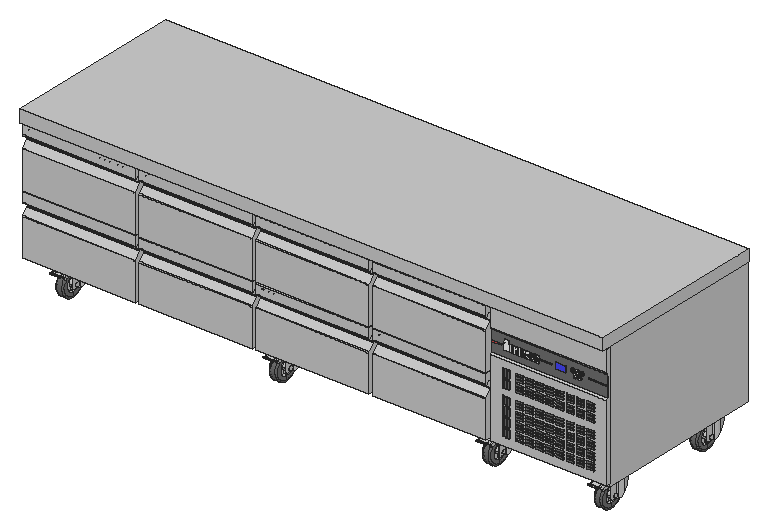
Revit family "QF_INOMAK_PWDP7777_250528083448", category Specialty Equipment, Revit 2021 (continued)
Definition of nested family "QF_INOMAK_REF_COUNTERS_DOORS_DRAWERS_34956"
  Definition of nested family "3_Drawers_1-3"
    Dimensions and locks
      equal spacing: plane 21, plane 17, plane 12, plane 16
      "Top inset": plane 13 to plane 6 "Top"
      locked: plane 21 to plane 20 at 2
      aligned and locked: level to plane 2
      aligned and locked: Extrusion 1 to plane 11 "Right panel"
      aligned and locked: plane 10 "Left panel" to curve 1
      aligned and locked: plane 10 "Left panel" to curve 7
      aligned and locked: plane 10 "Left panel" to curve 13
      aligned and locked: Extrusion 2 sketch curve to plane 10 "Left panel"
      aligned and locked: plane 11 "Right panel" to Extrusion 2 sketch curve
      aligned and locked: Extrusion 3 sketch curve to plane 10 "Left panel"
      aligned and locked: plane 11 "Right panel" to Extrusion 3 sketch curve
      aligned and locked: Extrusion 4 sketch curve to plane 10 "Left panel"
      aligned and locked: plane 11 "Right panel" to Extrusion 4 sketch curve
      aligned and locked: Extrusion 2 to plane 13
      aligned and locked: Extrusion 3 to plane 15
      aligned and locked: Extrusion 4 to plane 19
      aligned and locked: Extrusion 5 to plane 11 "Right panel"
      aligned and locked: Extrusion 6 to plane 11 "Right panel"
      aligned and locked: Extrusion 1 sketch curve to plane 13
      aligned and locked: Extrusion 1 sketch curve to plane 7 "Front legs"
      aligned and locked: plane 18 to Extrusion 5 sketch curve
      aligned and locked: Extrusion 6 sketch curve to Extrusion 4  (x2)
      aligned and locked: Extrusion 5 sketch curve to plane 15
      aligned and locked: Extrusion 4 to Extrusion 5 sketch curve
      aligned and locked: Extrusion 6 sketch curve to plane 19
      aligned and locked: Extrusion 6 sketch curve to plane 20
    Automatic sketch dimensions
      Extrusion 2 sketch curve to plane 7 "Front legs" = 0 mm
      Extrusion 2 sketch curve to plane 5 "Front" = 565.045 mm
      Extrusion 3 sketch curve to plane 7 "Front legs" = 0 mm
      Extrusion 3 sketch curve to plane 5 "Front" = 565.045 mm
      Extrusion 4 sketch curve to plane 7 "Front legs" = 0 mm
      Extrusion 4 sketch curve to plane 5 "Front" = 565.045 mm
      curve 14 to plane 11 "Right panel" = 0 mm
      curve 8 to plane 11 "Right panel" = 0 mm
      curve 3 to plane 11 "Right panel" = 0 mm
      curve 6 to plane 5 "Front" = 0 mm
      curve 5 to plane 5 "Front" = 0 mm
      curve 1 to plane 5 "Front" = 150 mm
      curve 2 to curve 3 = 40 mm
      curve 10 to curve 1 = 150 mm
      curve 9 to curve 9 = 40 mm
      curve 13 to curve 7 = 145 mm
      curve 14 to curve 13 = 40 mm
      curve 3 to curve 5 = 30 mm
      curve 15 to curve 17 = 30 mm
      curve 11 to curve 17 = 0 mm
      curve 6 to plane 10 "Left panel" = 30 mm
      curve 18 to plane 10 "Left panel" = 30 mm
      curve 12 to curve 18 = 0 mm
      Extrusion 1 sketch curve to plane 14 = 0 mm
      Extrusion 1 sketch curve to plane 7 "Front legs" = 0 mm
      plane 7 "Front legs" to Extrusion 1 sketch curve = 0.515 mm
      plane 7 "Front legs" to Extrusion 1 sketch curve = 1.757 mm
      plane 7 "Front legs" to Extrusion 1 sketch curve = 1.9 mm
      Extrusion 1 sketch curve to Extrusion 1 sketch curve = 1.556 mm
      plane 7 "Front legs" to Extrusion 1 sketch curve = 9.971 mm
      plane 7 "Front legs" to Extrusion 1 sketch curve = 21.094 mm
      Extrusion 1 sketch curve to Extrusion 1 sketch curve = 11.91 mm
      Extrusion 1 sketch curve to Extrusion 1 sketch curve = 2.243 mm
      Extrusion 1 sketch curve to Extrusion 1 sketch curve = 2.385 mm
      Extrusion 1 sketch curve to Extrusion 1 sketch curve = 20.119 mm
      plane 13 to Extrusion 1 sketch curve = 85.635 mm
      Extrusion 1 sketch curve to Extrusion 1 sketch curve = 22.822 mm
      Extrusion 1 sketch curve to Extrusion 1 sketch curve = 19.985 mm
      Extrusion 1 sketch curve to Extrusion 1 sketch curve = 6.919 mm
      plane 15 to Extrusion 5 sketch curve = 59.328 mm
      Extrusion 5 sketch curve to Extrusion 5 sketch curve = 17.734 mm
      plane 15 to Extrusion 5 sketch curve = 61.571 mm
      Extrusion 5 sketch curve to Extrusion 5 sketch curve = 0.929 mm
      Extrusion 5 sketch curve to Extrusion 5 sketch curve = 2.385 mm
      Extrusion 5 sketch curve to Extrusion 5 sketch curve = 11.91 mm
      Extrusion 5 sketch curve to Extrusion 5 sketch curve = 6.515 mm
      Extrusion 5 sketch curve to Extrusion 5 sketch curve = 1.556 mm
      Extrusion 5 sketch curve to Extrusion 5 sketch curve = 21.58 mm
      plane 15 to Extrusion 5 sketch curve = 84.393 mm
      Extrusion 5 sketch curve to Extrusion 5 sketch curve = 1.242 mm
      Extrusion 5 sketch curve to Extrusion 5 sketch curve = 1.9 mm
      Extrusion 5 sketch curve to Extrusion 5 sketch curve = 0.515 mm
      Extrusion 5 sketch curve to Extrusion 5 sketch curve = 6.919 mm
      Extrusion 5 sketch curve to Extrusion 5 sketch curve = 30.039 mm
      plane 7 "Front legs" to Extrusion 6 sketch curve = 0.515 mm
      plane 7 "Front legs" to Extrusion 6 sketch curve = 1.757 mm
      plane 7 "Front legs" to Extrusion 6 sketch curve = 1.9 mm
      Extrusion 6 sketch curve to Extrusion 6 sketch curve = 1.556 mm
      plane 7 "Front legs" to Extrusion 6 sketch curve = 9.971 mm
      plane 7 "Front legs" to Extrusion 6 sketch curve = 21.094 mm
      Extrusion 6 sketch curve to Extrusion 6 sketch curve = 11.91 mm
      Extrusion 6 sketch curve to Extrusion 6 sketch curve = 2.243 mm
      Extrusion 6 sketch curve to Extrusion 6 sketch curve = 2.385 mm
      Extrusion 6 sketch curve to Extrusion 6 sketch curve = 20.119 mm
      plane 19 to Extrusion 6 sketch curve = 89.302 mm
      Extrusion 6 sketch curve to Extrusion 6 sketch curve = 22.822 mm
      Extrusion 6 sketch curve to Extrusion 6 sketch curve = 23.985 mm
      Extrusion 6 sketch curve to Extrusion 6 sketch curve = 6.919 mm
  Definition of nested family "2_Drawers_1-2"
    Parameters (values of type "2 Drawers 1-2")
      URL = "www.specifiglobal.com"
      Top inset [instance] = 4 mm
      Right panel thickness [instance] = 35 mm
      Rear inset [instance] = 10 mm
      Plinth height [instance] = 150 mm
      Model = ""
      Manufacturer = "DEMO CONSULTANT"
      Length Actual [instance] = 1200 mm
      Left panel thickness [instance] = 35 mm
      Height Actual [instance] = 900 mm
      Front inset [instance] = 10 mm
      Finish = none
      Doors drawers type [instance] = 4
      Description = ""
      Depth Actual [instance] = 700 mm
      Default Elevation = 0 mm
      Bottom inset [instance] = 4 mm
      Assembly Code = "E1090320"
      2 Drawers [instance] = Doors drawers type = 4  # yes
    Reference planes
      plane 1 "Back": y = 0
      plane 2: z = 0
      plane 3 "Left": x = 0
      plane 4 "Right": x = 1200
      plane 5 "Front": y = -700
      plane 6 "Top": z = 1050
      plane 7 "Front legs": y = -690
      plane 8 "Legs top": z = 150
      plane 9 "Backsplash thickness": y = -10
      plane 10 "Left panel": x = 35
      plane 11 "Right panel": x = 1165
      plane 12: z = 600
      plane 13: z = 1046
      plane 14: z = 602
      plane 15: z = 598
      plane 16: z = 154
    Forms (mm)
      Extrusion 1, solid, material <- "Finish", visible <- "2 Drawers"
        sketch origin (35, 0, 0) x (0, -1, 0) y (0, 0, 1)
          loop
            line (690, 602) -> (690, 960.365)
            arc (690, 960.365) -> (689.866, 961.037) -> (689.485, 961.607) r 1.757
            line (689.485, 961.607) -> (666.663, 984.429)
            arc (666.663, 984.429) -> (665.976, 985.458) -> (665.734, 986.672) r 3.172
            line (665.734, 986.672) -> (665.734, 1013.576)
            arc (665.734, 1013.576) -> (666.433, 1015.262) -> (668.119, 1015.961) r 2.385
            line (668.119, 1015.961) -> (680.029, 1015.961) -> (686.544, 1006.657)
            arc (686.544, 1006.657) -> (688.671, 1005.935) -> (690, 1007.747) r 1.9
            line (690, 1007.747) -> (690, 1046) -> (648, 1046) -> (648, 602) -> (690, 602)
        from 0 to -1130
      Extrusion 2, solid, visible <- "2 Drawers", detail levels coarse
        sketch origin (0, -640.463, 602) x (0, 1, 0) y (-1, 0, 0)
          loop
            line (-49.537, -35) -> (-624.537, -35) -> (-624.537, -1165) -> (-49.537, -1165) -> (-49.537, -35)
        from 0 to 444
      Extrusion 3, solid, visible <- "2 Drawers", detail levels coarse
        sketch origin (0, -700, 154) x (-1, 0, 0) y (0, 1, 0)
          loop
            line (-35, 10) -> (-1165, 10) -> (-1165, -565) -> (-35, -565) -> (-35, 10)
        from 0 to -444
      Extrusion 4, solid, material <- "Finish", visible <- "2 Drawers"
        sketch origin (35, 0, -441.333) x (0, -1, 0) y (0, 0, 1)
          loop
            line (690, 595.333) -> (690, 953.698)
            arc (690, 953.698) -> (689.866, 954.37) -> (689.485, 954.94) r 1.757
            line (689.485, 954.94) -> (666.663, 977.763)
            arc (666.663, 977.763) -> (665.976, 978.792) -> (665.734, 980.006) r 3.172
            line (665.734, 980.006) -> (665.734, 1006.909)
            arc (665.734, 1006.909) -> (666.433, 1008.596) -> (668.119, 1009.294) r 2.385
            line (668.119, 1009.294) -> (680.029, 1009.294) -> (686.544, 999.991)
            arc (686.544, 999.991) -> (688.671, 999.268) -> (690, 1001.08) r 1.9
            line (690, 1001.08) -> (690, 1039.333) -> (648, 1039.333) -> (648, 595.333) -> (690, 595.333)
        from 0 to -1130
    Lines and regions (mm)
      symbolic lines, visible <- "2 Drawers"
        curve 1: line (35, -940, 900) -> (35, -980, 900)
        curve 2: line (35, -980, 900) -> (1165, -980, 900)
        curve 3: line (1165, -980, 900) -> (1165, -940, 900)
        curve 4: line (1165, -940, 900) -> (35, -940, 900)
        curve 5: line (1135, -940, 900) -> (1135, -700, 900)
        curve 6: line (65, -940, 900) -> (65, -700, 900)
        curve 7: line (35, -1225, 900) -> (35, -1265, 900)
        curve 8: line (35, -1265, 900) -> (1165, -1265, 900)
        curve 9: line (1165, -1265, 900) -> (1165, -1225, 900)
        curve 10: line (1165, -1225, 900) -> (35, -1225, 900)
        curve 11: line (1135, -1225, 900) -> (1135, -980, 900)
        curve 12: line (65, -1225, 900) -> (65, -980, 900)
    Dimensions and locks
      "Length Actual": plane 3 "Left" to plane 4 "Right"
      "Depth Actual": plane 5 "Front" to plane 1 "Back"
      "Height Actual": plane 6 "Top" to plane 8 "Legs top"
      "Front inset": plane 7 "Front legs" to plane 5 "Front"
      "Plinth height": plane 8 "Legs top" to plane 2
      "Rear inset": plane 9 "Backsplash thickness" to plane 1 "Back"
      "Right panel thickness": plane 11 "Right panel" to plane 4 "Right"
      "Left panel thickness": plane 3 "Left" to plane 10 "Left panel"
      "Top inset": plane 6 "Top" to plane 13
      "Bottom inset": plane 16 to plane 8 "Legs top"
      equal spacing: plane 16, plane 12, plane 13
      locked: plane 14 to plane 12 at 2
      locked: plane 15 to plane 12 at 2
      aligned and locked: level to plane 2
      aligned and locked: Extrusion 1 to plane 11 "Right panel"
      aligned and locked: plane 10 "Left panel" to curve 1
      aligned and locked: plane 10 "Left panel" to curve 7
      aligned and locked: Extrusion 2 sketch curve to plane 10 "Left panel"
      aligned and locked: plane 11 "Right panel" to Extrusion 2 sketch curve
      aligned and locked: Extrusion 3 sketch curve to plane 10 "Left panel"
      aligned and locked: plane 11 "Right panel" to Extrusion 3 sketch curve
      aligned and locked: Extrusion 2 to plane 13
      aligned and locked: Extrusion 4 to plane 11 "Right panel"
      aligned and locked: Extrusion 3 to plane 15
      aligned and locked: Extrusion 1 sketch curve to plane 13
      aligned and locked: Extrusion 1 sketch curve to plane 7 "Front legs"
      aligned and locked: plane 14 to Extrusion 1 sketch curve
      aligned and locked: Extrusion 4 sketch curve to plane 15
      aligned and locked: Extrusion 4 sketch curve to plane 7 "Front legs"
      aligned and locked: Extrusion 4 sketch curve to plane 16
    Automatic sketch dimensions
      Extrusion 2 sketch curve to plane 7 "Front legs" = 0 mm
      Extrusion 2 sketch curve to plane 5 "Front" = 565 mm
      Extrusion 3 sketch curve to plane 7 "Front legs" = 0 mm
      Extrusion 3 sketch curve to plane 5 "Front" = 565 mm
      curve 9 to plane 11 "Right panel" = 0 mm
      curve 2 to plane 11 "Right panel" = 0 mm
      curve 5 to plane 5 "Front" = 0 mm
      curve 6 to plane 5 "Front" = 0 mm
      curve 1 to plane 5 "Front" = 240 mm
      curve 3 to curve 3 = 40 mm
      curve 7 to curve 1 = 245 mm
      curve 8 to curve 9 = 40 mm
      plane 11 "Right panel" to curve 5 = 30 mm
      curve 2 to curve 11 = 30 mm
      curve 6 to plane 10 "Left panel" = 30 mm
      curve 12 to plane 10 "Left panel" = 30 mm
      Extrusion 1 sketch curve to Extrusion 1 sketch curve = 17.734 mm
      Extrusion 1 sketch curve to Extrusion 1 sketch curve = 0.929 mm
      Extrusion 1 sketch curve to Extrusion 1 sketch curve = 2.385 mm
      Extrusion 1 sketch curve to Extrusion 1 sketch curve = 3.172 mm
      Extrusion 1 sketch curve to Extrusion 1 sketch curve = 11.91 mm
      Extrusion 1 sketch curve to Extrusion 1 sketch curve = 6.515 mm
      Extrusion 1 sketch curve to Extrusion 1 sketch curve = 1.556 mm
      Extrusion 1 sketch curve to Extrusion 1 sketch curve = 21.58 mm
      Extrusion 1 sketch curve to Extrusion 1 sketch curve = 1.242 mm
      Extrusion 1 sketch curve to Extrusion 1 sketch curve = 1.9 mm
      Extrusion 1 sketch curve to Extrusion 1 sketch curve = 0.515 mm
      Extrusion 1 sketch curve to Extrusion 1 sketch curve = 22.822 mm
      Extrusion 1 sketch curve to Extrusion 1 sketch curve = 19.985 mm
      Extrusion 1 sketch curve to Extrusion 1 sketch curve = 6.919 mm
      Extrusion 1 sketch curve to Extrusion 1 sketch curve = 30.039 mm
      Extrusion 4 sketch curve to plane 7 "Front legs" = 0 mm
      plane 7 "Front legs" to Extrusion 4 sketch curve = 0.515 mm
      plane 7 "Front legs" to Extrusion 4 sketch curve = 1.757 mm
      plane 7 "Front legs" to Extrusion 4 sketch curve = 1.9 mm
      Extrusion 4 sketch curve to Extrusion 4 sketch curve = 1.556 mm
      plane 7 "Front legs" to Extrusion 4 sketch curve = 9.971 mm
      plane 7 "Front legs" to Extrusion 4 sketch curve = 21.094 mm
      Extrusion 4 sketch curve to Extrusion 4 sketch curve = 11.91 mm
      Extrusion 4 sketch curve to Extrusion 4 sketch curve = 2.243 mm
      Extrusion 4 sketch curve to Extrusion 4 sketch curve = 2.385 mm
      Extrusion 4 sketch curve to Extrusion 4 sketch curve = 20.119 mm
      Extrusion 4 sketch curve to Extrusion 4 sketch curve = 22.822 mm
      Extrusion 4 sketch curve to Extrusion 4 sketch curve = 19.985 mm
      Extrusion 4 sketch curve to Extrusion 4 sketch curve = 6.919 mm
      Extrusion 4 sketch curve to Extrusion 4 sketch curve = 30.039 mm
  Definition of nested family "2_Drawers_1-3_2-3"
    Parameters (values of type "2 Drawers 1-3 and 2-3")
      URL = "www.specifiglobal.com"
      Top inset [instance] = 4 mm
      Right panel thickness [instance] = 35 mm
      Rear inset [instance] = 10 mm
      Plinth height [instance] = 150 mm
      Model = ""
      Manufacturer = "DEMO CONSULTANT"
      Length Actual [instance] = 1200 mm
      Left panel thickness [instance] = 35 mm
      Height Actual [instance] = 900 mm
      Front inset [instance] = 10 mm
      Finish = none
      Doors drawers type [instance] = 5
      Description = ""
      Depth Actual [instance] = 700 mm
      Default Elevation = 0 mm
      Bottom inset [instance] = 4 mm
      Assembly Code = "E1090320"
      2 Drawers 1-3 and 2-3 [instance] = Doors drawers type = 5  # yes
    Reference planes
      plane 1 "Back": y = 0
      plane 2: z = 0
      plane 3 "Left": x = 0
      plane 4 "Right": x = 1200
      plane 5 "Front": y = -700
      plane 6 "Top": z = 1050
      plane 7 "Front legs": y = -690
      plane 8 "Legs top": z = 150
      plane 9 "Backsplash thickness": y = -10
      plane 10 "Left panel": x = 35
      plane 11 "Right panel": x = 1165
      plane 12: z = 1046
      plane 13: z = 751.833
      plane 14: z = 746.833
      plane 15: z = 154
      plane 16: z = 450.667
      plane 17: z = 152
      plane 18: z = 1048
      plane 19: z = 749.333
    Forms (mm)
      Extrusion 1, solid, material <- "Finish", visible <- "2 Drawers 1-3 and 2-3"
        sketch origin (35, 0, 0) x (0, -1, 0) y (0, 0, 1)
          loop
            line (690, 751.833) -> (690, 960.365)
            arc (690, 960.365) -> (689.866, 961.037) -> (689.485, 961.607) r 1.757
            line (689.485, 961.607) -> (666.663, 984.429)
            arc (666.663, 984.429) -> (665.976, 985.458) -> (665.734, 986.672) r 3.172
            line (665.734, 986.672) -> (665.734, 1013.576)
            arc (665.734, 1013.576) -> (666.433, 1015.262) -> (668.119, 1015.961) r 2.385
            line (668.119, 1015.961) -> (680.029, 1015.961) -> (686.544, 1006.657)
            arc (686.544, 1006.657) -> (688.671, 1005.935) -> (690, 1007.747) r 1.9
            line (690, 1007.747) -> (690, 1046) -> (648, 1046) -> (648, 751.833) -> (690, 751.833)
        from 0 to -1130
      Extrusion 2, solid, visible <- "2 Drawers 1-3 and 2-3", detail levels coarse
        sketch origin (0, -640.463, 751.833) x (0, 1, 0) y (-1, 0, 0)
          loop
            line (-49.537, -35) -> (-624.537, -35) -> (-624.537, -1165) -> (-49.537, -1165) -> (-49.537, -35)
        from 0 to 294.167
      Extrusion 3, solid, visible <- "2 Drawers 1-3 and 2-3", detail levels coarse
        sketch origin (0, -700, 154) x (-1, 0, 0) y (0, 1, 0)
          loop
            line (-35, 10) -> (-1165, 10) -> (-1165, -565) -> (-35, -565) -> (-35, 10)
        from 0 to -592.833
      Extrusion 4, solid, material <- "Finish", visible <- "2 Drawers 1-3 and 2-3"
        sketch origin (35, 0, -441.333) x (0, -1, 0) y (0, 0, 1)
          loop
            line (690, 595.333) -> (690, 1101.698)
            arc (690, 1101.698) -> (689.866, 1102.37) -> (689.485, 1102.94) r 1.757
            line (689.485, 1102.94) -> (666.663, 1126.596)
            arc (666.663, 1126.596) -> (665.976, 1127.625) -> (665.734, 1128.839) r 3.172
            line (665.734, 1128.839) -> (665.734, 1155.743)
            arc (665.734, 1155.743) -> (666.433, 1157.429) -> (668.119, 1158.128) r 2.385
            line (668.119, 1158.128) -> (680.029, 1158.128) -> (686.544, 1148.824)
            arc (686.544, 1148.824) -> (688.671, 1148.102) -> (690, 1149.914) r 1.9
            line (690, 1149.914) -> (690, 1188.167) -> (648, 1188.167) -> (648, 595.333) -> (690, 595.333)
        from 0 to -1130
    Lines and regions (mm)
      symbolic lines, visible <- "2 Drawers 1-3 and 2-3"
        curve 1: line (35, -1000, 900) -> (35, -1040, 900)
        curve 2: line (35, -1040, 900) -> (1165, -1040, 900)
        curve 3: line (1165, -1040, 900) -> (1165, -1000, 900)
        curve 4: line (1165, -1000, 900) -> (35, -1000, 900)
        curve 5: line (1135, -1000, 900) -> (1135, -700, 900)
        curve 6: line (65, -1000, 900) -> (65, -700, 900)
        curve 7: line (35, -1225, 900) -> (35, -1265, 900)
        curve 8: line (35, -1265, 900) -> (1165, -1265, 900)
        curve 9: line (1165, -1265, 900) -> (1165, -1225, 900)
        curve 10: line (1165, -1225, 900) -> (35, -1225, 900)
        curve 11: line (1135, -1225, 900) -> (1135, -1040, 900)
        curve 12: line (65, -1225, 900) -> (65, -1040, 900)
    Dimensions and locks
      "Length Actual": plane 3 "Left" to plane 4 "Right"
      "Depth Actual": plane 5 "Front" to plane 1 "Back"
      "Height Actual": plane 6 "Top" to plane 8 "Legs top"
      "Front inset": plane 7 "Front legs" to plane 5 "Front"
      "Plinth height": plane 8 "Legs top" to plane 2
      "Rear inset": plane 9 "Backsplash thickness" to plane 1 "Back"
      "Right panel thickness": plane 11 "Right panel" to plane 4 "Right"
      "Left panel thickness": plane 3 "Left" to plane 10 "Left panel"
      "Top inset": plane 6 "Top" to plane 12
      locked: plane 13 to plane 14 at 5
      "Bottom inset": plane 15 to plane 8 "Legs top"
      equal spacing: plane 17, plane 16, plane 19, plane 18
      equal spacing: plane 12, plane 18, plane 6 "Top"
      equal spacing: plane 14, plane 19, plane 13
      equal spacing: plane 15, plane 17, plane 8 "Legs top"
      aligned and locked: level to plane 2
      aligned and locked: Extrusion 1 to plane 11 "Right panel"
      aligned and locked: plane 10 "Left panel" to curve 1
      aligned and locked: plane 10 "Left panel" to curve 7
      aligned and locked: Extrusion 2 sketch curve to plane 10 "Left panel"
      aligned and locked: plane 11 "Right panel" to Extrusion 2 sketch curve
      aligned and locked: Extrusion 3 sketch curve to plane 10 "Left panel"
      aligned and locked: plane 11 "Right panel" to Extrusion 3 sketch curve
      aligned and locked: Extrusion 2 to plane 12
      aligned and locked: Extrusion 4 to plane 11 "Right panel"
      aligned and locked: Extrusion 3 to plane 14
      aligned and locked: plane 13 to Extrusion 1 sketch curve
      aligned and locked: Extrusion 2 to Extrusion 1 sketch curve
      aligned and locked: Extrusion 3 to Extrusion 4 sketch curve
      aligned and locked: Extrusion 4 sketch curve to Extrusion 3  (x2)
      aligned and locked: Extrusion 1 sketch curve to plane 7 "Front legs"
    Automatic sketch dimensions
      Extrusion 2 sketch curve to plane 7 "Front legs" = 0 mm
      Extrusion 2 sketch curve to plane 5 "Front" = 565 mm
      Extrusion 3 sketch curve to plane 7 "Front legs" = 0 mm
      Extrusion 3 sketch curve to plane 5 "Front" = 565 mm
      curve 9 to plane 11 "Right panel" = 0 mm
      curve 2 to plane 11 "Right panel" = 0 mm
      curve 5 to plane 5 "Front" = 0 mm
      curve 6 to plane 5 "Front" = 0 mm
      curve 1 to plane 5 "Front" = 300 mm
      curve 3 to curve 3 = 40 mm
      curve 7 to curve 1 = 185 mm
      curve 8 to curve 9 = 40 mm
      plane 11 "Right panel" to curve 5 = 30 mm
      curve 11 to curve 5 = 0 mm
      curve 6 to plane 10 "Left panel" = 30 mm
      curve 12 to curve 6 = 0 mm
      Extrusion 1 sketch curve to plane 7 "Front legs" = 0 mm
      plane 7 "Front legs" to Extrusion 1 sketch curve = 0.515 mm
      plane 7 "Front legs" to Extrusion 1 sketch curve = 1.757 mm
      plane 7 "Front legs" to Extrusion 1 sketch curve = 1.9 mm
      Extrusion 1 sketch curve to Extrusion 1 sketch curve = 1.556 mm
      plane 7 "Front legs" to Extrusion 1 sketch curve = 9.971 mm
      plane 7 "Front legs" to Extrusion 1 sketch curve = 21.094 mm
      Extrusion 1 sketch curve to Extrusion 1 sketch curve = 11.91 mm
      Extrusion 1 sketch curve to Extrusion 1 sketch curve = 2.243 mm
      Extrusion 1 sketch curve to Extrusion 1 sketch curve = 2.385 mm
      Extrusion 1 sketch curve to Extrusion 1 sketch curve = 20.119 mm
      plane 12 to Extrusion 1 sketch curve = 85.635 mm
      Extrusion 1 sketch curve to Extrusion 1 sketch curve = 22.822 mm
      Extrusion 1 sketch curve to Extrusion 1 sketch curve = 19.985 mm
      Extrusion 1 sketch curve to Extrusion 1 sketch curve = 6.919 mm
      plane 12 to Extrusion 1 sketch curve = 0 mm
      Extrusion 4 sketch curve to plane 7 "Front legs" = 0 mm
      plane 7 "Front legs" to Extrusion 4 sketch curve = 0.515 mm
      plane 7 "Front legs" to Extrusion 4 sketch curve = 1.9 mm
      Extrusion 4 sketch curve to Extrusion 4 sketch curve = 1.556 mm
      plane 7 "Front legs" to Extrusion 4 sketch curve = 9.971 mm
      plane 7 "Front legs" to Extrusion 4 sketch curve = 21.094 mm
      Extrusion 4 sketch curve to Extrusion 4 sketch curve = 11.91 mm
      Extrusion 4 sketch curve to Extrusion 4 sketch curve = 2.243 mm
      Extrusion 4 sketch curve to Extrusion 4 sketch curve = 2.385 mm
      Extrusion 4 sketch curve to Extrusion 4 sketch curve = 20.119 mm
      Extrusion 4 sketch curve to Extrusion 4 sketch curve = 86.469 mm
      Extrusion 4 sketch curve to Extrusion 4 sketch curve = 23.656 mm
      Extrusion 4 sketch curve to Extrusion 4 sketch curve = 19.985 mm
      Extrusion 4 sketch curve to Extrusion 4 sketch curve = 6.919 mm
      plane 7 "Front legs" to Extrusion 4 sketch curve = 1.757 mm
  Definition of nested family "Sliding_Doors"
    Parameters (values of type "Sliding doors")
      URL = "www.specifiglobal.com"
      Top inset [instance] = 4 mm
      Sliding doors [instance] = Doors drawers type = 2  # yes
      Right panel thickness [instance] = 35 mm
      Rear inset [instance] = 10 mm
      Plinth height [instance] = 150 mm
      Model = ""
      Manufacturer = "DEMO CONSULTANT"
      Length Actual [instance] = 1200 mm
      Left panel thickness [instance] = 35 mm
      Height Actual [instance] = 900 mm
      Front inset [instance] = 10 mm
      Finish [instance] = none
      Doors drawers type [instance] = 2
      Description = ""
      Depth Actual [instance] = 700 mm
      Default Elevation = 0 mm
      Bottom inset [instance] = 4 mm
      Assembly Code = "E1090320"
    Reference planes
      plane 1 "Back": y = 0
      plane 2: z = 0
      plane 3 "Left": x = 0
      plane 4 "Right": x = 1200
      plane 5 "Front": y = -700
      plane 6 "Top": z = 1050
      plane 7 "Front legs": y = -690
      plane 8 "Legs top": z = 150
      plane 9 "Backsplash thickness": y = -10
      plane 10: x = 35
      plane 11: x = 1165
      plane 12 "Center Left-Right": x = 600
      plane 13: z = 154
      plane 14: z = 1046
    Forms (mm)
      Extrusion 1, solid, material <- "Finish", visible <- "Sliding doors"
        sketch origin (0, -690, 154) x (-1, 0, 0) y (0, 1, 0)
          loop
            line (-35, 10) -> (-35, 20) -> (-620, 20) -> (-620, 0) -> (-91.156, 0)
            arc (-91.156, 0) -> (-85.272, 0.885) -> (-79.91, 3.461) r 20
            line (-79.91, 3.461) -> (-60, 17) -> (-38, 17) -> (-38, 10)
            arc (-38, 10) -> (-40.05, 5.05) -> (-45, 3) r 7
            line (-45, 3) -> (-50.012, 3) -> (-50.012, 0) -> (-45, 0)
            arc (-45, 0) -> (-37.929, 2.929) -> (-35, 10) r 10
        from 0 to -892
      Extrusion 2, solid, material <- "Finish", visible <- "Sliding doors"
        sketch origin (0, -689, 154) x (-1, 0, 0) y (0, 1, 0)
          loop
            arc (-1065, 30) -> (-1062.071, 22.929) -> (-1055, 20) r 10
            line (-1055, 20) -> (-1049.988, 20) -> (-1049.988, 23) -> (-1055, 23)
            arc (-1055, 23) -> (-1059.95, 25.05) -> (-1062, 30) r 7
            line (-1062, 30) -> (-1062, 37) -> (-1040, 37) -> (-1020.09, 23.461)
            arc (-1020.09, 23.461) -> (-1014.728, 20.885) -> (-1008.844, 20) r 20
            line (-1008.844, 20) -> (-480, 20) -> (-480, 40) -> (-1065, 40) -> (-1065, 30)
        from 0 to -892
    Lines and regions (mm)
      symbolic lines, visible <- "Sliding doors"
        curve 1: line (1065, -649, 150) -> (480, -649, 150)
        curve 2: line (1065, -669, 150) -> (1065, -649, 150)
        curve 3: line (480, -669, 150) -> (1065, -669, 150)
        curve 4: line (480, -649, 150) -> (480, -669, 150)
        curve 5: line (620, -690, 150) -> (35, -690, 150)
        curve 6: line (620, -670, 150) -> (620, -690, 150)
        curve 7: line (35, -670, 150) -> (620, -670, 150)
        curve 8: line (35, -690, 150) -> (35, -670, 150)
    Dimensions and locks
      "Length Actual": plane 3 "Left" to plane 4 "Right"
      "Depth Actual": plane 5 "Front" to plane 1 "Back"
      "Height Actual": plane 6 "Top" to plane 8 "Legs top"
      "Front inset": plane 7 "Front legs" to plane 5 "Front"
      "Plinth height": plane 8 "Legs top" to plane 2
      "Rear inset": plane 9 "Backsplash thickness" to plane 1 "Back"
      "Right panel thickness": plane 11 to plane 4 "Right"
      "Left panel thickness": plane 3 "Left" to plane 10
      equal spacing: plane 10, plane 12 "Center Left-Right", plane 11
      "Top inset": plane 6 "Top" to plane 14
      "Bottom inset": plane 13 to plane 8 "Legs top"
      locked: plane 12 "Center Left-Right" to curve 4 at 120
      locked: plane 12 "Center Left-Right" to curve 5 at 20
      locked: plane 11 to curve 1 at 100
      aligned and locked: level to plane 2
      aligned and locked: Extrusion 1 sketch curve to plane 7 "Front legs"
      aligned and locked: Extrusion 1 sketch curve to plane 10
      aligned and locked: Extrusion 1 to plane 14
      aligned and locked: Extrusion 2 to plane 14
      aligned and locked: curve 8 to plane 10
    Automatic sketch dimensions
      Extrusion 2 sketch curve to Extrusion 2 sketch curve = 0 mm  (x2)
      plane 11 to Extrusion 2 sketch curve = 100 mm
      Extrusion 2 sketch curve to Extrusion 2 sketch curve = 3 mm
      Extrusion 2 sketch curve to Extrusion 2 sketch curve = 7 mm  (x2)
      Extrusion 2 sketch curve to Extrusion 2 sketch curve = 5.012 mm
      plane 7 "Front legs" to Extrusion 2 sketch curve = 38 mm
      Extrusion 2 sketch curve to Extrusion 2 sketch curve = 15 mm
      plane 7 "Front legs" to Extrusion 2 sketch curve = 24.461 mm
      Extrusion 2 sketch curve to Extrusion 2 sketch curve = 19.91 mm
      Extrusion 2 sketch curve to Extrusion 2 sketch curve = 11.246 mm
      Extrusion 2 sketch curve to plane 12 "Center Left-Right" = 120 mm
      Extrusion 2 sketch curve to Extrusion 2 sketch curve = 16.539 mm
      Extrusion 2 sketch curve to Extrusion 2 sketch curve = 20 mm
      Extrusion 1 sketch curve to Extrusion 1 sketch curve = 0 mm  (x2)
      Extrusion 1 sketch curve to plane 7 "Front legs" = 0 mm
      Extrusion 1 sketch curve to plane 10 = 3 mm
      Extrusion 1 sketch curve to Extrusion 1 sketch curve = 7 mm
      Extrusion 1 sketch curve to Extrusion 1 sketch curve = 5.012 mm
      Extrusion 1 sketch curve to Extrusion 1 sketch curve = 15 mm
      plane 7 "Front legs" to Extrusion 1 sketch curve = 3.461 mm
      Extrusion 1 sketch curve to Extrusion 1 sketch curve = 19.91 mm
      Extrusion 1 sketch curve to Extrusion 1 sketch curve = 11.246 mm
      plane 12 "Center Left-Right" to Extrusion 1 sketch curve = 20 mm
      Extrusion 1 sketch curve to Extrusion 1 sketch curve = 20 mm
      Extrusion 1 sketch curve to Extrusion 1 sketch curve = 3 mm
      curve 8 to plane 7 "Front legs" = 0 mm
      curve 5 to curve 6 = 20 mm
      plane 7 "Front legs" to curve 2 = 21 mm
      curve 2 to curve 2 = 20 mm
  Definition of nested family "4_Drawers_1-4"
    Parameters (values of type "4 Drawers 1-4")
      URL = "www.specifiglobal.com"
      Top inset [instance] = 4 mm
      Right panel thickness [instance] = 35 mm
      Rear inset [instance] = 10 mm
      Plinth height [instance] = 150 mm
      Model = ""
      Manufacturer = "DEMO CONSULTANT"
      Length Actual [instance] = 1200 mm
      Left panel thickness [instance] = 35 mm
      Height Actual [instance] = 900 mm
      Front inset [instance] = 10 mm
      Finish [instance] = none
      Doors drawers type [instance] = 7
      Description = ""
      Depth Actual [instance] = 700 mm
      Default Elevation = 0 mm
      Bottom inset [instance] = 4 mm
      Assembly Code = "E1090320"
      4 Drawers [instance] = Doors drawers type = 7  # yes
    Reference planes
      plane 1 "Back": y = 0
      plane 2: z = 0
      plane 3 "Left": x = 0
      plane 4 "Right": x = 1200
      plane 5 "Front": y = -700
      plane 6 "Top": z = 1050
      plane 7 "Front legs": y = -690
      plane 8 "Legs top": z = 150
      plane 9 "Backsplash thickness": y = -10
      plane 10 "Left panel": x = 35
      plane 11 "Right panel": x = 1165
      plane 12: z = 824.25
      plane 13: z = 1046
      plane 14: z = 826.083
      plane 15: z = 822.417
      plane 16: z = 1048.5
      plane 17: z = 375.75
      plane 18: z = 377.917
      plane 19: z = 373.583
      plane 20: z = 154
      plane 21: z = 151.5
      plane 22: z = 600
      plane 23: z = 601.833
      plane 24: z = 598.167
    Forms (mm)
      Extrusion 1, solid, material <- "Finish", visible <- "4 Drawers"
        sketch origin (35, 0, -1) x (0, -1, 0) y (0, 0, 1)
          loop
            line (680, 1047) -> (670, 1047) -> (670, 827.083) -> (690, 827.083) -> (690, 990.844)
            arc (690, 990.844) -> (689.115, 996.728) -> (686.539, 1002.09) r 20
            line (686.539, 1002.09) -> (673, 1022) -> (673, 1044) -> (680, 1044)
            arc (680, 1044) -> (684.95, 1041.95) -> (687, 1037) r 7
            line (687, 1037) -> (687, 1031.988) -> (690, 1031.988) -> (690, 1037)
            arc (690, 1037) -> (687.071, 1044.071) -> (680, 1047) r 10
        from 0 to -1130
      Extrusion 2, solid, visible <- "4 Drawers", detail levels coarse
        sketch origin (0, -640.463, 826.083) x (0, 1, 0) y (-1, 0, 0)
          loop
            line (-49.537, -35) -> (-624.537, -35) -> (-624.537, -1165) -> (-49.537, -1165) -> (-49.537, -35)
        from 0 to 219.917
      Extrusion 3, solid, visible <- "4 Drawers", detail levels coarse
        sketch origin (0, -700, 154) x (-1, 0, 0) y (0, 1, 0)
          loop
            line (-35, 10) -> (-1165, 10) -> (-1165, -565) -> (-35, -565) -> (-35, 10)
        from 0 to -219.583
      Extrusion 4, solid, material <- "Finish", visible <- "4 Drawers"
        sketch origin (35, 0, -440.333) x (0, -1, 0) y (0, 0, 1)
          loop
            line (680, 813.917) -> (670, 813.917) -> (670, 594.333) -> (690, 594.333) -> (690, 757.761)
            arc (690, 757.761) -> (689.115, 763.644) -> (686.539, 769.007) r 20
            line (686.539, 769.007) -> (673, 788.917) -> (673, 810.917) -> (680, 810.917)
            arc (680, 810.917) -> (684.95, 808.866) -> (687, 803.917) r 7
            line (687, 803.917) -> (687, 798.904) -> (690, 798.904) -> (690, 803.917)
            arc (690, 803.917) -> (687.071, 810.988) -> (680, 813.917) r 10
        from 0 to -1130
      Extrusion 5, solid, material <- "Finish", visible <- "4 Drawers"
        sketch origin (35, 0, -165.333) x (0, -1, 0) y (0, 0, 1)
          loop
            line (680, 987.75) -> (670, 987.75) -> (670, 767.167) -> (690, 767.167) -> (690, 931.594)
            arc (690, 931.594) -> (689.115, 937.478) -> (686.539, 942.84) r 20
            line (686.539, 942.84) -> (673, 962.75) -> (673, 984.75) -> (680, 984.75)
            arc (680, 984.75) -> (684.95, 982.7) -> (687, 977.75) r 7
            line (687, 977.75) -> (687, 972.738) -> (690, 972.738) -> (690, 977.75)
            arc (690, 977.75) -> (687.071, 984.821) -> (680, 987.75) r 10
        from 0 to -1130
      Extrusion 6, solid, material <- "Finish", visible <- "4 Drawers"
        sketch origin (35, 0, -330.333) x (0, -1, 0) y (0, 0, 1)
          loop
            line (680, 928.5) -> (670, 928.5) -> (670, 708.25) -> (690, 708.25) -> (690, 872.344)
            arc (690, 872.344) -> (689.115, 878.228) -> (686.539, 883.59) r 20
            line (686.539, 883.59) -> (673, 903.5) -> (673, 925.5) -> (680, 925.5)
            arc (680, 925.5) -> (684.95, 923.45) -> (687, 918.5) r 7
            line (687, 918.5) -> (687, 913.488) -> (690, 913.488) -> (690, 918.5)
            arc (690, 918.5) -> (687.071, 925.571) -> (680, 928.5) r 10
        from 0 to -1130
      Extrusion 7, solid, visible <- "4 Drawers", detail levels coarse
        sketch origin (0, -500.463, 601.833) x (0, 1, 0) y (-1, 0, 0)
          loop
            line (-189.537, -35) -> (-764.537, -35) -> (-764.537, -1165) -> (-189.537, -1165) -> (-189.537, -35)
        from 0 to 220.583
      Extrusion 8, solid, visible <- "4 Drawers", detail levels coarse
        sketch origin (0, -540.463, 377.917) x (0, 1, 0) y (-1, 0, 0)
          loop
            line (-149.537, -35) -> (-724.537, -35) -> (-724.537, -1165) -> (-149.537, -1165) -> (-149.537, -35)
        from 0 to 220.25
    Lines and regions (mm)
      symbolic lines, visible <- "4 Drawers"
        curve 1: line (35, -945, 900) -> (35, -985, 900)
        curve 2: line (35, -985, 900) -> (1165, -985, 900)
        curve 3: line (1165, -985, 900) -> (1165, -945, 900)
        curve 4: line (1165, -945, 900) -> (35, -945, 900)
        curve 5: line (1135, -945, 900) -> (1135, -845, 900)
        curve 6: line (65, -945, 900) -> (65, -845, 900)
        curve 7: line (35, -1085, 900) -> (35, -1125, 900)
        curve 8: line (35, -1125, 900) -> (1165, -1125, 900)
        curve 9: line (1165, -1125, 900) -> (1165, -1085, 900)
        curve 10: line (1165, -1085, 900) -> (35, -1085, 900)
        curve 11: line (1135, -1085, 900) -> (1135, -985, 900)
        curve 12: line (65, -1085, 900) -> (65, -985, 900)
        curve 13: line (35, -1225, 900) -> (35, -1265, 900)
        curve 14: line (35, -1265, 900) -> (1165, -1265, 900)
        curve 15: line (1165, -1265, 900) -> (1165, -1225, 900)
        curve 16: line (1165, -1225, 900) -> (35, -1225, 900)
        curve 17: line (1135, -1225, 900) -> (1135, -1125, 900)
        curve 18: line (65, -1225, 900) -> (65, -1125, 900)
        curve 19: line (35, -805, 900) -> (35, -845, 900)
        curve 20: line (35, -845, 900) -> (1165, -845, 900)
        curve 21: line (1165, -845, 900) -> (1165, -805, 900)
        curve 22: line (1165, -805, 900) -> (35, -805, 900)
        curve 23: line (65, -805, 900) -> (65, -700, 900)
        curve 24: line (1135, -805, 900) -> (1135, -700, 900)
    Dimensions and locks
      "Length Actual": plane 3 "Left" to plane 4 "Right"
      "Depth Actual": plane 5 "Front" to plane 1 "Back"
      "Height Actual": plane 6 "Top" to plane 8 "Legs top"
      "Front inset": plane 7 "Front legs" to plane 5 "Front"
      "Plinth height": plane 8 "Legs top" to plane 2
      "Rear inset": plane 9 "Backsplash thickness" to plane 1 "Back"
      "Right panel thickness": plane 11 "Right panel" to plane 4 "Right"
      "Left panel thickness": plane 3 "Left" to plane 10 "Left panel"
      locked: plane 14 to plane 15 at 3.667
      equal spacing: plane 14, plane 12, plane 15
      locked: plane 23 to plane 24 at 3.667
      equal spacing: plane 23, plane 22, plane 24
      "Bottom inset": plane 20 to plane 8 "Legs top"
      equal spacing: plane 19, plane 17, plane 18
      locked: plane 19 to plane 18 at 4.333
      equal spacing: plane 21, plane 17, plane 22, plane 12, plane 16
      locked: plane 13 to plane 16 at 2.5
      "Top inset": plane 13 to plane 6 "Top"
      locked: plane 21 to plane 20 at 2.5
      aligned and locked: level to plane 2
      aligned and locked: plane 7 "Front legs" to Extrusion 1 sketch curve  (x2)
      aligned and locked: Extrusion 1 to plane 11 "Right panel"
      aligned and locked: Extrusion 1 sketch curve to plane 13
      aligned and locked: Extrusion 1 sketch curve to plane 14
      aligned and locked: plane 10 "Left panel" to curve 1
      aligned and locked: plane 10 "Left panel" to curve 7
      aligned and locked: plane 10 "Left panel" to curve 13
      aligned and locked: Extrusion 2 sketch curve to plane 10 "Left panel"
      aligned and locked: plane 11 "Right panel" to Extrusion 2 sketch curve
      aligned and locked: Extrusion 3 sketch curve to plane 10 "Left panel"
      aligned and locked: plane 11 "Right panel" to Extrusion 3 sketch curve
      aligned and locked: Extrusion 2 to plane 13
      aligned and locked: Extrusion 3 to plane 19
      aligned and locked: plane 20 to Extrusion 4 sketch curve
      aligned and locked: Extrusion 4 to plane 11 "Right panel"
      aligned and locked: Extrusion 5 sketch curve to plane 15
      aligned and locked: plane 7 "Front legs" to Extrusion 5 sketch curve
      aligned and locked: Extrusion 5 sketch curve to plane 23
      aligned and locked: Extrusion 6 sketch curve to plane 24
      aligned and locked: plane 7 "Front legs" to Extrusion 6 sketch curve
      aligned and locked: Extrusion 6 sketch curve to plane 18
      aligned and locked: Extrusion 7 to plane 15
      aligned and locked: Extrusion 8 to plane 24
      aligned and locked: Extrusion 5 to plane 11 "Right panel"
      aligned and locked: Extrusion 6 to plane 11 "Right panel"
    Automatic sketch dimensions
      Extrusion 1 sketch curve to Extrusion 1 sketch curve = 0 mm  (x2)
      plane 7 "Front legs" to Extrusion 1 sketch curve = 3 mm
      plane 7 "Front legs" to Extrusion 1 sketch curve = 3.461 mm
      plane 7 "Front legs" to Extrusion 1 sketch curve = 10 mm
      Extrusion 1 sketch curve to Extrusion 1 sketch curve = 7 mm
      plane 7 "Front legs" to Extrusion 1 sketch curve = 20 mm  (x2)
      Extrusion 1 sketch curve to Extrusion 1 sketch curve = 46.156 mm
      Extrusion 1 sketch curve to Extrusion 1 sketch curve = 15 mm
      Extrusion 1 sketch curve to Extrusion 1 sketch curve = 5.012 mm
      Extrusion 2 sketch curve to plane 7 "Front legs" = 0 mm
      Extrusion 2 sketch curve to plane 5 "Front" = 565 mm
      Extrusion 3 sketch curve to plane 7 "Front legs" = 0 mm
      Extrusion 3 sketch curve to plane 5 "Front" = 565 mm
      Extrusion 5 sketch curve to Extrusion 5 sketch curve = 0 mm  (x2)
      Extrusion 5 sketch curve to plane 7 "Front legs" = 0 mm
      plane 7 "Front legs" to Extrusion 5 sketch curve = 3 mm
      plane 7 "Front legs" to Extrusion 5 sketch curve = 3.461 mm
      plane 7 "Front legs" to Extrusion 5 sketch curve = 10 mm
      Extrusion 5 sketch curve to Extrusion 5 sketch curve = 7 mm
      plane 7 "Front legs" to Extrusion 5 sketch curve = 20 mm  (x2)
      Extrusion 5 sketch curve to Extrusion 5 sketch curve = 46.156 mm
      Extrusion 5 sketch curve to Extrusion 5 sketch curve = 15 mm
      Extrusion 5 sketch curve to Extrusion 5 sketch curve = 5.012 mm
      Extrusion 6 sketch curve to Extrusion 6 sketch curve = 0 mm  (x2)
      Extrusion 6 sketch curve to plane 7 "Front legs" = 0 mm
      plane 7 "Front legs" to Extrusion 6 sketch curve = 3 mm
      plane 7 "Front legs" to Extrusion 6 sketch curve = 3.461 mm
      plane 7 "Front legs" to Extrusion 6 sketch curve = 10 mm
      Extrusion 6 sketch curve to Extrusion 6 sketch curve = 7 mm
      plane 7 "Front legs" to Extrusion 6 sketch curve = 20 mm  (x2)
      Extrusion 6 sketch curve to Extrusion 6 sketch curve = 46.156 mm
      Extrusion 6 sketch curve to Extrusion 6 sketch curve = 15 mm
      Extrusion 6 sketch curve to Extrusion 6 sketch curve = 5.012 mm
      curve 14 to plane 11 "Right panel" = 0 mm
      curve 8 to plane 11 "Right panel" = 0 mm
      curve 2 to plane 11 "Right panel" = 0 mm
      curve 21 to plane 11 "Right panel" = 0 mm
      curve 20 to plane 10 "Left panel" = 0 mm
      curve 23 to plane 5 "Front" = 0 mm
      curve 24 to plane 5 "Front" = 0 mm
      curve 21 to plane 5 "Front" = 105 mm
      curve 20 to curve 21 = 40 mm
      curve 3 to curve 20 = 100 mm
      curve 3 to curve 3 = 40 mm
      curve 10 to curve 1 = 100 mm
      curve 9 to curve 9 = 40 mm
      curve 15 to curve 8 = 100 mm
      curve 15 to curve 15 = 40 mm
      plane 11 "Right panel" to curve 24 = 30 mm
      curve 8 to curve 17 = 30 mm
      curve 11 to curve 17 = 0 mm
      curve 23 to plane 10 "Left panel" = 30 mm
      curve 12 to curve 6 = 0 mm
      curve 18 to curve 12 = 0 mm
      Extrusion 4 sketch curve to Extrusion 4 sketch curve = 0 mm  (x2)
      plane 19 to Extrusion 4 sketch curve = 0 mm
      Extrusion 4 sketch curve to plane 7 "Front legs" = 0 mm  (x2)
      plane 7 "Front legs" to Extrusion 4 sketch curve = 3 mm
      plane 7 "Front legs" to Extrusion 4 sketch curve = 3.461 mm
      plane 7 "Front legs" to Extrusion 4 sketch curve = 10 mm
      Extrusion 4 sketch curve to Extrusion 4 sketch curve = 7 mm
      plane 7 "Front legs" to Extrusion 4 sketch curve = 20 mm  (x2)
      Extrusion 4 sketch curve to Extrusion 4 sketch curve = 46.156 mm
      Extrusion 4 sketch curve to Extrusion 4 sketch curve = 15 mm
      Extrusion 4 sketch curve to Extrusion 4 sketch curve = 5.012 mm
      Extrusion 7 sketch curve to plane 10 "Left panel" = 0 mm
      Extrusion 7 sketch curve to plane 11 "Right panel" = 0 mm
      Extrusion 7 sketch curve to plane 7 "Front legs" = 0 mm
      Extrusion 7 sketch curve to plane 5 "Front" = 565 mm
      Extrusion 8 sketch curve to plane 10 "Left panel" = 0 mm
      Extrusion 8 sketch curve to plane 11 "Right panel" = 0 mm
      Extrusion 8 sketch curve to plane 7 "Front legs" = 0 mm
      Extrusion 8 sketch curve to plane 5 "Front" = 565 mm
      curve 6 to plane 10 "Left panel" = 30 mm
      curve 5 to curve 24 = 0 mm
  Definition of nested family "Hinged_Doors"
    Parameters (values of type "Hinged doors")
      URL = "www.specifiglobal.com"
      Top inset [instance] = 4 mm
      Right panel thickness [instance] = 35 mm
      Rear inset [instance] = 10 mm
      Plinth height [instance] = 150 mm
      Model = ""
      Manufacturer = "DEMO CONSULTANT"
      Length Actual [instance] = 1200 mm
      Left panel thickness [instance] = 35 mm
      Hinged doors [instance] = Doors drawers type = 3  # yes
      Height Actual [instance] = 900 mm
      Front inset [instance] = 10 mm
      Finish [instance] = none
      Doors drawers type [instance] = 3
      Description = ""
      Depth Actual [instance] = 700 mm
      Default Elevation = 0 mm
      Bottom inset [instance] = 4 mm
      Assembly Code = "E1090320"
    Reference planes
      plane 1 "Back": y = 0
      plane 2: z = 0
      plane 3 "Left": x = 0
      plane 4 "Right": x = 1200
      plane 5 "Front": y = -700
      plane 6 "Top": z = 1050
      plane 7 "Front legs": y = -690
      plane 8 "Legs top": z = 150
      plane 9 "Backsplash thickness": y = -10
      plane 10: x = 35
      plane 11: x = 1165
      plane 12 "Center Left-Right": x = 600
      plane 13: x = 597.5
      plane 14: x = 602.5
      plane 15: z = 154
      plane 16: z = 1046
    Forms (mm)
      Extrusion 1, solid, material <- "Finish", visible <- "Hinged doors"
        sketch origin (35, -2307.849, 4000) x (0, -1, 0) y (0, 0, 1)
          loop
            line (-1627.849, -2954) -> (-1637.849, -2954) -> (-1637.849, -3846) -> (-1617.849, -3846) -> (-1617.849, -3010.156)
            arc (-1617.849, -3010.156) -> (-1618.734, -3004.272) -> (-1621.31, -2998.91) r 20
            line (-1621.31, -2998.91) -> (-1634.849, -2979) -> (-1634.849, -2957) -> (-1627.849, -2957)
            arc (-1627.849, -2957) -> (-1622.899, -2959.05) -> (-1620.849, -2964) r 7
            line (-1620.849, -2964) -> (-1620.849, -2969.012) -> (-1617.849, -2969.012) -> (-1617.849, -2964)
            arc (-1617.849, -2964) -> (-1620.778, -2956.929) -> (-1627.849, -2954) r 10
        from 0 to -562.5
      Extrusion 2, solid, visible <- "Hinged doors", detail levels coarse
        sketch origin (0, -700, 154) x (-1, 0, 0) y (0, 1, 0)
          loop
            line (-35, 10) -> (-597.5, 10)
            arc (-597.5, 10) -> (-432.748, -387.748) -> (-35, -552.5) r 562.5
            line (-35, -552.5) -> (-35, 10)
        from 0 to -892
      Extrusion 3, solid, material <- "Finish", visible <- "Hinged doors"
        sketch origin (1165, -2312.576, 4000) x (0, -1, 0) y (0, 0, 1)
          loop
            line (-1632.576, -2954) -> (-1642.576, -2954) -> (-1642.576, -3846) -> (-1622.576, -3846) -> (-1622.576, -3010.156)
            arc (-1622.576, -3010.156) -> (-1623.46, -3004.272) -> (-1626.037, -2998.91) r 20
            line (-1626.037, -2998.91) -> (-1639.576, -2979) -> (-1639.576, -2957) -> (-1632.576, -2957)
            arc (-1632.576, -2957) -> (-1627.626, -2959.05) -> (-1625.576, -2964) r 7
            line (-1625.576, -2964) -> (-1625.576, -2969.012) -> (-1622.576, -2969.012) -> (-1622.576, -2964)
            arc (-1622.576, -2964) -> (-1625.504, -2956.929) -> (-1632.576, -2954) r 10
        from 0 to 562.5
      Extrusion 4, solid, visible <- "Hinged doors", detail levels coarse
        sketch origin (0, -700, 154) x (-1, 0, 0) y (0, 1, 0)
          loop
            line (-1165, 10) -> (-1165, -552.5)
            arc (-1165, -552.5) -> (-767.252, -387.748) -> (-602.5, 10) r 562.5
            line (-602.5, 10) -> (-1165, 10)
        from 0 to -892
    Lines and regions (mm)
      symbolic lines, visible <- "Hinged doors"
        curve 1: line (35, -700, 150) -> (35, -1252.5, 150)
        curve 2: arc (35, -1252.5, 150) -> (429.196, -1091.268, 150) -> (597.411, -700, 150) r 562.5
        curve 3: arc (602.589, -700, 150) -> (770.804, -1091.268, 150) -> (1165, -1252.5, 150) r 562.5
        curve 4: line (1165, -1252.5, 150) -> (1165, -700, 150)
    Dimensions and locks
      "Length Actual": plane 3 "Left" to plane 4 "Right"
      "Depth Actual": plane 5 "Front" to plane 1 "Back"
      "Height Actual": plane 6 "Top" to plane 8 "Legs top"
      "Front inset": plane 7 "Front legs" to plane 5 "Front"
      "Plinth height": plane 8 "Legs top" to plane 2
      "Rear inset": plane 9 "Backsplash thickness" to plane 1 "Back"
      "Right panel thickness": plane 11 to plane 4 "Right"
      "Left panel thickness": plane 3 "Left" to plane 10
      equal spacing: plane 10, plane 12 "Center Left-Right", plane 11
      plane 13 to plane 12 "Center Left-Right" = 2.5 mm
      plane 12 "Center Left-Right" to plane 14 = 2.5 mm
      "Bottom inset": plane 15 to plane 8 "Legs top"
      "Top inset": plane 16 to plane 6 "Top"
      aligned and locked: level to plane 2
      aligned and locked: Extrusion 1 to plane 13
      aligned and locked: plane 10 to Extrusion 2 sketch curve
      aligned and locked: plane 13 to Extrusion 2 sketch curve
      aligned and locked: plane 7 "Front legs" to Extrusion 2 sketch curve  (x2)
      aligned and locked: plane 14 to Extrusion 3
      aligned and locked: Extrusion 2 to curve 1
      aligned and locked: curve 2 to Extrusion 2
      aligned and locked: curve 3 to Extrusion 4
      aligned and locked: curve 4 to Extrusion 4
      aligned and locked: plane 5 "Front" to curve 1
      aligned and locked: plane 5 "Front" to curve 2
      aligned and locked: plane 5 "Front" to curve 3
      aligned and locked: plane 5 "Front" to curve 4
      aligned and locked: Extrusion 4 to plane 16
      aligned and locked: Extrusion 2 to plane 16
      aligned and locked: Extrusion 1 sketch curve to plane 16
      aligned and locked: Extrusion 1 sketch curve to plane 15
      aligned and locked: Extrusion 3 sketch curve to plane 15
      aligned and locked: Extrusion 3 sketch curve to plane 16
    Automatic sketch dimensions
      Extrusion 1 sketch curve to Extrusion 1 sketch curve = 0 mm  (x2)
      Extrusion 1 sketch curve to plane 7 "Front legs" = 0 mm  (x2)
      plane 7 "Front legs" to Extrusion 1 sketch curve = 3 mm
      plane 7 "Front legs" to Extrusion 1 sketch curve = 3.461 mm
      plane 7 "Front legs" to Extrusion 1 sketch curve = 10 mm
      Extrusion 1 sketch curve to Extrusion 1 sketch curve = 7 mm
      plane 7 "Front legs" to Extrusion 1 sketch curve = 20 mm  (x2)
      Extrusion 1 sketch curve to Extrusion 1 sketch curve = 46.156 mm
      Extrusion 1 sketch curve to Extrusion 1 sketch curve = 15 mm
      Extrusion 1 sketch curve to Extrusion 1 sketch curve = 5.012 mm
      Extrusion 3 sketch curve to Extrusion 3 sketch curve = 0 mm  (x2)
      Extrusion 3 sketch curve to plane 7 "Front legs" = 0 mm  (x2)
      Extrusion 3 sketch curve to Extrusion 3 sketch curve = 3 mm
      plane 7 "Front legs" to Extrusion 3 sketch curve = 3.461 mm
      plane 7 "Front legs" to Extrusion 3 sketch curve = 10 mm
      Extrusion 3 sketch curve to Extrusion 3 sketch curve = 7 mm
      Extrusion 3 sketch curve to Extrusion 3 sketch curve = 16.539 mm
      Extrusion 3 sketch curve to Extrusion 3 sketch curve = 20 mm
      Extrusion 3 sketch curve to Extrusion 3 sketch curve = 46.156 mm
      Extrusion 3 sketch curve to Extrusion 3 sketch curve = 15 mm
      Extrusion 3 sketch curve to Extrusion 3 sketch curve = 5.012 mm
      Extrusion 4 sketch curve to plane 11 = 0 mm
      Extrusion 4 sketch curve to plane 7 "Front legs" = 0 mm
      Extrusion 4 sketch curve to plane 14 = 0 mm
  Definition of nested family "Hopper"
    Parameters (values of type "Hopper")
      URL = "www.specifiglobal.com"
      Top inset [instance] = 4 mm
      Right panel thickness [instance] = 35 mm
      Rear inset [instance] = 10 mm
      Plinth height [instance] = 150 mm
      Model = ""
      Manufacturer = "DEMO CONSULTANT"
      Length Actual [instance] = 700 mm
      Left panel thickness [instance] = 35 mm
      Hopper [instance] = Doors drawers type = 10  # yes
      Height Actual [instance] = 900 mm
      Front inset [instance] = 10 mm
      Finish [instance] = none
      Doors drawers type [instance] = 10
      Description = ""
      Depth Actual [instance] = 700 mm
      Default Elevation = 0 mm
      Bottom inset [instance] = 4 mm
      Assembly Code = "E1090320"
      2 Drawers = yes
    Reference planes
      plane 1 "Back": y = 0
      plane 2: z = 0
      plane 3 "Left": x = 0
      plane 4 "Right": x = 700
      plane 5 "Front": y = -700
      plane 6 "Top": z = 1050
      plane 7 "Front legs": y = -690
      plane 8 "Legs top": z = 150
      plane 9 "Backsplash thickness": y = -10
      plane 10 "Left panel": x = 35
      plane 11 "Right panel": x = 665
      plane 12: z = 1046
      plane 13: z = 154
    Forms (mm)
      Extrusion 1, solid, material <- "Finish", visible <- "Hopper"
        sketch origin (35, 0, 0) x (0, -1, 0) y (0, 0, 1)
          loop
            line (690, 154) -> (690, 960.365)
            arc (690, 960.365) -> (689.866, 961.037) -> (689.485, 961.607) r 1.757
            line (689.485, 961.607) -> (666.663, 984.429)
            arc (666.663, 984.429) -> (665.976, 985.458) -> (665.734, 986.672) r 3.172
            line (665.734, 986.672) -> (665.734, 1013.576)
            arc (665.734, 1013.576) -> (666.433, 1015.262) -> (668.119, 1015.961) r 2.385
            line (668.119, 1015.961) -> (680.029, 1015.961) -> (686.544, 1006.657)
            arc (686.544, 1006.657) -> (688.671, 1005.935) -> (690, 1007.747) r 1.9
            line (690, 1007.747) -> (690, 1046) -> (648, 1046) -> (648, 154) -> (690, 154)
        from 0 to -630
      Extrusion 2, solid, visible <- "Hopper", detail levels coarse
        sketch origin (35, 0, 0) x (0, -1, 0) y (0, 0, 1)
          loop
            line (690, 154) -> (1265, 154) -> (1265, 1046) -> (690, 1046) -> (690, 154)
        from 0 to -630
    Lines and regions (mm)
      symbolic lines, visible <- "Hopper"
        curve 1: line (35, -1225, 900) -> (35, -1265, 900)
        curve 2: line (35, -1265, 900) -> (665, -1265, 900)
        curve 3: line (665, -1265, 900) -> (665, -1225, 900)
        curve 4: line (665, -1225, 900) -> (35, -1225, 900)
        curve 5: line (635, -1225, 900) -> (635, -700, 900)
        curve 6: line (65, -1225, 900) -> (65, -700, 900)
    Dimensions and locks
      "Length Actual": plane 3 "Left" to plane 4 "Right"
      "Depth Actual": plane 5 "Front" to plane 1 "Back"
      "Height Actual": plane 6 "Top" to plane 8 "Legs top"
      "Front inset": plane 7 "Front legs" to plane 5 "Front"
      "Plinth height": plane 8 "Legs top" to plane 2
      "Rear inset": plane 9 "Backsplash thickness" to plane 1 "Back"
      "Right panel thickness": plane 11 "Right panel" to plane 4 "Right"
      "Left panel thickness": plane 3 "Left" to plane 10 "Left panel"
      "Top inset": plane 12 to plane 6 "Top"
      "Bottom inset": plane 13 to plane 8 "Legs top"
      aligned and locked: level to plane 2
      aligned and locked: Extrusion 1 to plane 11 "Right panel"
      aligned and locked: Extrusion 2 to plane 11 "Right panel"
      aligned and locked: plane 10 "Left panel" to Extrusion 2
      aligned and locked: Extrusion 1 sketch curve to plane 12
      aligned and locked: Extrusion 1 sketch curve to Extrusion 2
      aligned and locked: Extrusion 1 sketch curve to plane 13
    Automatic sketch dimensions
      Extrusion 1 sketch curve to Extrusion 1 sketch curve = 17.734 mm
      Extrusion 1 sketch curve to Extrusion 1 sketch curve = 0.929 mm
      Extrusion 1 sketch curve to Extrusion 1 sketch curve = 2.385 mm
      Extrusion 1 sketch curve to Extrusion 1 sketch curve = 3.172 mm
      Extrusion 1 sketch curve to Extrusion 1 sketch curve = 11.91 mm
      Extrusion 1 sketch curve to Extrusion 1 sketch curve = 6.515 mm
      Extrusion 1 sketch curve to Extrusion 1 sketch curve = 1.556 mm
      Extrusion 1 sketch curve to Extrusion 1 sketch curve = 21.58 mm
      Extrusion 1 sketch curve to Extrusion 1 sketch curve = 1.242 mm
      Extrusion 1 sketch curve to Extrusion 1 sketch curve = 1.9 mm
      Extrusion 1 sketch curve to Extrusion 1 sketch curve = 0.515 mm
      Extrusion 1 sketch curve to Extrusion 1 sketch curve = 22.822 mm
      Extrusion 1 sketch curve to Extrusion 1 sketch curve = 19.985 mm
      Extrusion 1 sketch curve to Extrusion 1 sketch curve = 6.919 mm
      Extrusion 1 sketch curve to Extrusion 1 sketch curve = 30.039 mm
      Extrusion 2 sketch curve to plane 7 "Front legs" = 0 mm
      plane 13 to Extrusion 2 sketch curve = 0 mm
      plane 12 to Extrusion 2 sketch curve = 0 mm
      Extrusion 2 sketch curve to plane 5 "Front" = 565 mm
      curve 1 to plane 10 "Left panel" = 0 mm
      curve 2 to plane 11 "Right panel" = 0 mm
      curve 6 to plane 5 "Front" = 0 mm
      curve 5 to plane 5 "Front" = 0 mm
      curve 4 to plane 5 "Front" = 525 mm
      curve 3 to curve 3 = 40 mm
      plane 11 "Right panel" to curve 5 = 30 mm
      curve 6 to plane 10 "Left panel" = 30 mm
Definition of nested family "QF_INOMAK_REF_COUNTERS_WORKTOPS_44427"
  Parameters (values of type "WTWA-1545-700")
    Worktop without backsplash [instance] = Worktop type = 3  # no
    Worktop with backsplash [instance] = Worktop type = 2  # yes
    Worktop type [instance] = 2
    Worktop thickness [instance] = 46 mm
    Without worktop [instance] = or(Worktop type > 3, Worktop type < 2)  # no
    Weight [instance] = 0.00 kg
    Warranty Start Date [instance] = ""
    Warranty Duration [instance] = ""
    URL Cutsheet [instance] = ""
    URL = "www.inomak.com"
    Technical Documentation [instance] = ""
    Tag Number [instance] = ""
    Status [instance] = ""
    Specification by User [instance] = ""
    Specification by Manufacturer [instance] = ""
    Sound Level [instance] = ""
    Solid Fuel Type [instance] = ""
    Show Logo [instance] = yes
    Show Clearances [instance] = yes
    Service Life Duration [instance] = ""
    Serial Number [instance] = ""
    Seismic Rating [instance] = ""
    SMACNA No [instance] = ""
    Revision Code [instance] = ""
    Revision [instance] = ""
    Production Year [instance] = ""
    Point Load [instance] = 0
    Other Equipment Approvals [instance] = ""
    NAFEM Spec ID Number [instance] = ""
    Model Warning [instance] = ""
    Model = "WTWA"
    Masterspec [instance] = ""
    Manufacturer = "INOMAK"
    Length Actual [instance] = 1546 mm
    Item Number [instance] = ""
    Installed By [instance] = ""
    Installation Date [instance] = ""
    Identify Quantity as Lot [instance] = yes
    ID [instance] = ""
    Hygiene Approval [instance] = ""
    Height Actual [instance] = 0 mm
    Height AFF [instance] = 0 mm
    Furnished By [instance] = ""
    Foodservice Equipment Identifier [instance] = yes
    Finish [instance] = none
    ETL Approved [instance] = yes
    Description = "WORKTOP WITH UPSTAND"
    Depth Actual [instance] = 700 mm
    Default Elevation = 0 mm
    CSI MasterFormat [instance] = ""
    CE Approved [instance] = yes
    Barcode [instance] = ""
    Backsplash thickness [instance] = 20 mm
    Backsplash height [instance] = 60 mm
    Author [instance] = ""
    Asset Identifier [instance] = ""
    Assembly Code = "E1090320"
    Accessory [instance] = yes
  Types (40, lengths in mm): name | Worktop without backsplash | Worktop with backsplash | Worktop type | Worktop thickness | Without worktop | Model | Length Actual | Description | Depth Actual
    WTWT-2240-700 | yes | no | 3 | 46 | no | "WTWT" | 2242 | "STANDARD WORKTOP" | 700
    WTWA-2240-700 | no | yes | 2 | 46 | no | "WTWA" | 2242 | "WORKTOP WITH UPSTAND" | 700
    WOWT-2240-700 | no | no | 1 | 46 | yes | "WOWT" | 2242 | "WITHOUT WORKTOP" | 700
    WTWA-1790-700 | no | yes | 2 | 46 | no | "WTWA" | 1792 | "WORKTOP WITH UPSTAND" | 700
    WTWA-1345-700 | no | yes | 2 | 46 | no | "WTWA" | 1342 | "WORKTOP WITH UPSTAND" | 700
    WOWT-1790-700 | no | no | 1 | 46 | yes | "WOWT" | 1792 | "WITHOUT WORKTOP" | 700
    WOWT-1345-700 | no | no | 1 | 46 | yes | "WOWT" | 1342 | "WITHOUT WORKTOP" | 700
    WTWT-1790-700 | yes | no | 3 | 46 | no | "WTWT" | 1792 | "STANDARD WORKTOP" | 700
    WTWT-1345-700 | yes | no | 3 | 46 | no | "WTWT" | 1342 | "STANDARD WORKTOP" | 700
    WTWA-1080-700 | no | yes | 2 | 46 | no | "WTWA" | 1080 | "WORKTOP WITH UPSTAND" | 700
    WTWT-1080-700 | yes | no | 3 | 46 | no | "WTWT" | 1080 | "STANDARD WORKTOP" | 700
    WTWA-1080-700-80 | no | yes | 2 | 80 | no | "WTWA-80" | 1080 | "WORKTOP WITH UPSTAND, 80CM DEEP WORKTOP" | 700
    WTWT-1080-700-80 | yes | no | 3 | 80 | no | "WTWT-80" | 1080 | "WORKTOP WITH 80CM DEEP" | 700
